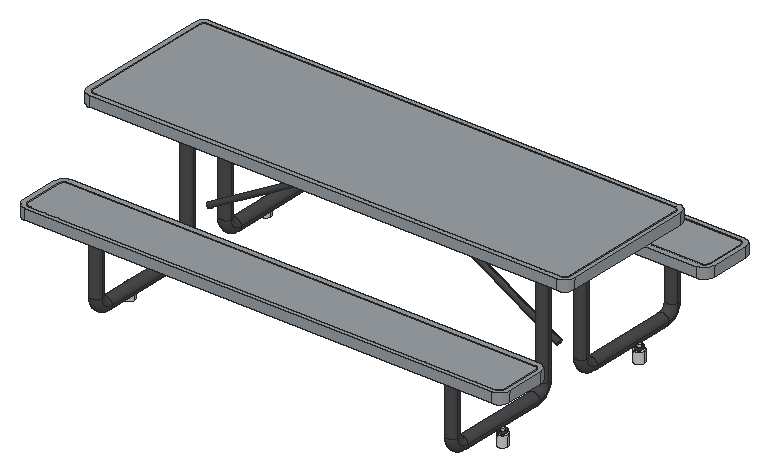
Revit family "OF-TxXPx-PERF", category Furniture, Revit 2020
Family settings
  Work Plane-Based = No
  Always vertical = Yes
  Cut with Voids When Loaded = No
  Shared = No
  Room Calculation Point = No
Parameters (values of type "OF-T8XPSM-PERF")
  Table Width = 8' - 0"
  Table Top [instance] = Getzen Gray Perforated
  Table Frame [instance] = Getzen Gray Solid
  Surface Mount = yes
  Seat Top [instance] = Getzen Gray Perforated
  Seat Frame [instance] = Getzen Gray Solid
  Mount = yes
  Model = "OF-T8XPSM-PERF"
  Leg Placement = 5' - 10 1/8"
  In Ground = no
  HS Seat Count = 8
  Frame [instance] = Getzen Black Solid
  ES Seat Count = 12
  Default Elevation = 0' - 0"
  Bench Width = 8' - 0"
Types (9): name | Table Width | Surface Mount | Mount | Model | Leg Placement | In Ground | HS Seat Count | ES Seat Count | Bench Width
  OF-T6XPP-PERF | 6' - 0" | no | no | "OF-T6XPP-PERF" | 3' - 10 1/8" | no | 6 | 8 | 6' - 0"
  OF-T8XPP-PERF | 8' - 0" | no | no | "OF-T8XPP-PERF" | 5' - 10 1/8" | no | 8 | 12 | 8' - 0"
  OF-T8XPP-ADA-PERF | 8' - 0" | no | no | "OF-T8XPP-ADA-PERF" | 3' - 10 1/8" | no | 6 | 8 | 6' - 0"
  OF-T6XPSM-PERF | 6' - 0" | yes | yes | "OF-T6XPSM-PERF" | 3' - 10 1/8" | no | 6 | 8 | 6' - 0"
  OF-T6XPIG-PERF | 6' - 0" | no | yes | "OF-T6XPIG-PERF" | 3' - 10 1/8" | yes | 6 | 8 | 6' - 0"
  OF-T8XPSM-PERF | 8' - 0" | yes | yes | "OF-T8XPSM-PERF" | 5' - 10 1/8" | no | 8 | 12 | 8' - 0"
  OF-T8XPIG-PERF | 8' - 0" | no | yes | "OF-T8XPIG-PERF" | 5' - 10 1/8" | yes | 8 | 12 | 8' - 0"
  OF-T8XPSM-ADA-PERF | 8' - 0" | yes | yes | "OF-T8XPSM-ADA-PERF" | 3' - 10 1/8" | no | 6 | 8 | 6' - 0"
  OF-T8XPIG-ADA-PERF | 8' - 0" | no | yes | "OF-T8XPIG-ADA-PERF" | 3' - 10 1/8" | yes | 6 | 8 | 6' - 0"
Reference planes (in)
  plane 1 "Center (Front/Back)": y = 0
  plane 2: z = 0
  plane 3 "Center (Left/Right)": x = 0
  plane 4 "Leg Left": x = -35.0625
  plane 5 "Leg Right": x = 35.0625
  plane 6 "Bench End Left": x = -48
  plane 7 "Bench End Right": x = 48
  plane 8 "Bench": z = 16.75
  plane 9 "Top": z = 29.675
Forms (in)
  Sweep 1, solid, material "Getzen Black Solid" <- "Frame"
    path origin (-35.0625, 0, 0) x (0, 1, 0) y (0, 0, 1)
      loop
        line (-4.6875, 27.425) -> (-4.6875, 3.5625)
        arc (-4.6875, 3.5625) -> (-5.38312, 1.88312) -> (-7.0625, 1.1875) r 2.375
        line (-7.0625, 1.1875) -> (-24.75, 1.1875)
        arc (-24.75, 1.1875) -> (-26.42938, 1.88312) -> (-27.125, 3.5625) r 2.375
        line (-27.125, 3.5625) -> (-27.125, 14.5)
    profile origin (-35.0625, -4.6875, 15.49375) x (1, 0, 0) y (0, 1, 0)
      loop
        circle (0, 0) r 1.1875
  Extrusion 2, solid, material "Getzen Black Solid" <- "Frame"
    sketch origin (0, 0, 0) x (1, 0, 0) y (0, 0, 1)
      loop
        line (-36.25, 14.5) -> (-33.875, 14.5) -> (-33.875, 16.5) -> (-34.125, 16.5) -> (-34.125, 14.75) -> (-36.25, 14.75) -> (-36.25, 14.5)
    from 20.5 to 30
  Extrusion 3, solid, material "Getzen Black Solid" <- "Frame"
    sketch origin (0, 0, 0) x (1, 0, 0) y (0, 0, 1)
      loop
        line (-36.25, 27.425) -> (-33.875, 27.425) -> (-33.875, 29.425) -> (-34.125, 29.425) -> (-34.125, 27.675) -> (-36.25, 27.675) -> (-36.25, 27.425)
    from -14 to 14
  Sweep 4, solid, material "Getzen Black Solid" <- "Frame"
    path origin (-35.0625, 0, 0) x (0, -1, 0) y (0, 0, 1)
      loop
        line (-4.6875, 27.425) -> (-4.6875, 3.5625)
        arc (-4.6875, 3.5625) -> (-5.38312, 1.88312) -> (-7.0625, 1.1875) r 2.375
        line (-7.0625, 1.1875) -> (-24.75, 1.1875)
        arc (-24.75, 1.1875) -> (-26.42938, 1.88312) -> (-27.125, 3.5625) r 2.375
        line (-27.125, 3.5625) -> (-27.125, 14.5)
    profile origin (-35.0625, 4.6875, 15.49375) x (1, 0, 0) y (0, 1, 0)
      loop
        circle (0, 0) r 1.1875
  Extrusion 5, solid, material "Getzen Black Solid" <- "Frame"
    sketch origin (0, 0, 0) x (1, 0, 0) y (0, 0, -1)
      loop
        line (-36.25, -14.5) -> (-36.25, -14.75) -> (-34.125, -14.75) -> (-34.125, -16.5) -> (-33.875, -16.5) -> (-33.875, -14.5) -> (-36.25, -14.5)
    from 20.5 to 30
  Extrusion 6, solid, material "Getzen Black Solid" <- "Frame"
    sketch origin (0, 0, 0) x (-1, 0, 0) y (0, 0, -1)
      loop
        line (-36.25, -14.5) -> (-36.25, -14.75) -> (-34.125, -14.75) -> (-34.125, -16.5) -> (-33.875, -16.5) -> (-33.875, -14.5) -> (-36.25, -14.5)
    from 20.5 to 30
  Extrusion 7, solid, material "Getzen Black Solid" <- "Frame"
    sketch origin (0, 0, 0) x (-1, 0, 0) y (0, 0, -1)
      loop
        line (-36.25, -27.425) -> (-36.25, -27.675) -> (-34.125, -27.675) -> (-34.125, -29.425) -> (-33.875, -29.425) -> (-33.875, -27.425) -> (-36.25, -27.425)
    from -14 to 14
  Extrusion 8, solid, material "Getzen Black Solid" <- "Frame"
    sketch origin (0, 0, 0) x (-1, 0, 0) y (0, 0, 1)
      loop
        line (-36.25, 14.5) -> (-33.875, 14.5) -> (-33.875, 16.5) -> (-34.125, 16.5) -> (-34.125, 14.75) -> (-36.25, 14.75) -> (-36.25, 14.5)
    from 20.5 to 30
  Sweep 9, solid, material "Getzen Black Solid" <- "Frame"
    path origin (35.0625, 0, 0) x (0, 1, 0) y (0, 0, 1)
      loop
        line (-4.6875, 27.425) -> (-4.6875, 3.5625)
        arc (-4.6875, 3.5625) -> (-5.38312, 1.88312) -> (-7.0625, 1.1875) r 2.375
        line (-7.0625, 1.1875) -> (-24.75, 1.1875)
        arc (-24.75, 1.1875) -> (-26.42938, 1.88312) -> (-27.125, 3.5625) r 2.375
        line (-27.125, 3.5625) -> (-27.125, 14.5)
    profile origin (35.0625, -4.6875, 15.49375) x (1, 0, 0) y (0, 1, 0)
      loop
        circle (0, 0) r 1.1875
  Sweep 10, solid, material "Getzen Black Solid" <- "Frame"
    path origin (35.0625, 0, 0) x (0, -1, 0) y (0, 0, 1)
      loop
        line (-4.6875, 27.425) -> (-4.6875, 3.5625)
        arc (-4.6875, 3.5625) -> (-5.38312, 1.88312) -> (-7.0625, 1.1875) r 2.375
        line (-7.0625, 1.1875) -> (-24.75, 1.1875)
        arc (-24.75, 1.1875) -> (-26.42938, 1.88312) -> (-27.125, 3.5625) r 2.375
        line (-27.125, 3.5625) -> (-27.125, 14.5)
    profile origin (35.0625, 4.6875, 15.49375) x (1, 0, 0) y (0, 1, 0)
      loop
        circle (0, 0) r 1.1875
  Extrusion 11, solid, material "Getzen Gray Solid" <- "Seat Frame"
    sketch origin (0, 0, 0) x (1, 0, 0) y (0, 1, 0)
      loop
        arc (-46, -19.5) -> (-47.41421, -20.08579) -> (-48, -21.5) r 2
        line (-48, -21.5) -> (-48, -29)
        arc (-48, -29) -> (-47.41421, -30.41421) -> (-46, -31) r 2
        line (-46, -31) -> (46, -31)
        arc (46, -31) -> (47.41421, -30.41421) -> (48, -29) r 2
        line (48, -29) -> (48, -21.5)
        arc (48, -21.5) -> (47.41421, -20.08579) -> (46, -19.5) r 2
        line (46, -19.5) -> (-46, -19.5)
      loop
        line (-47, -21.5) -> (-47, -29)
        arc (-47, -29) -> (-46.70711, -29.70711) -> (-46, -30) r 1
        line (-46, -30) -> (46, -30)
        arc (46, -30) -> (46.70711, -29.70711) -> (47, -29) r 1
        line (47, -29) -> (47, -21.5)
        arc (47, -21.5) -> (46.70711, -20.79289) -> (46, -20.5) r 1
        line (46, -20.5) -> (-46, -20.5)
        arc (-46, -20.5) -> (-46.70711, -20.79289) -> (-47, -21.5) r 1
    from 14.75 to 16.75
  Extrusion 12, solid, material "Getzen Gray Perforated" <- "Seat Top"
    sketch origin (0, 0, 0) x (1, 0, 0) y (0, 1, 0)
      loop
        arc (-46, -20.5) -> (-46.70711, -20.79289) -> (-47, -21.5) r 1
        line (-47, -21.5) -> (-47, -29)
        arc (-47, -29) -> (-46.70711, -29.70711) -> (-46, -30) r 1
        line (-46, -30) -> (46, -30)
        arc (46, -30) -> (46.70711, -29.70711) -> (47, -29) r 1
        line (47, -29) -> (47, -21.5)
        arc (47, -21.5) -> (46.70711, -20.79289) -> (46, -20.5) r 1
        line (46, -20.5) -> (-46, -20.5)
    from 16.625 to 16.75
  Extrusion 13, solid, material "Getzen Gray Solid" <- "Table Frame"
    sketch origin (0, 0, 0) x (1, 0, 0) y (0, 1, 0)
      loop
        line (46, 14) -> (-46, 14)
        arc (-46, 14) -> (-46.70711, 13.70711) -> (-47, 13) r 1
        line (-47, 13) -> (-47, -13)
        arc (-47, -13) -> (-46.70711, -13.70711) -> (-46, -14) r 1
        line (-46, -14) -> (46, -14)
        arc (46, -14) -> (46.70711, -13.70711) -> (47, -13) r 1
        line (47, -13) -> (47, 13)
        arc (47, 13) -> (46.70711, 13.70711) -> (46, 14) r 1
      loop
        line (46, 15) -> (-46, 15)
        arc (-46, 15) -> (-47.41421, 14.41421) -> (-48, 13) r 2
        line (-48, 13) -> (-48, -13)
        arc (-48, -13) -> (-47.41421, -14.41421) -> (-46, -15) r 2
        line (-46, -15) -> (46, -15)
        arc (46, -15) -> (47.41421, -14.41421) -> (48, -13) r 2
        line (48, -13) -> (48, 13)
        arc (48, 13) -> (47.41421, 14.41421) -> (46, 15) r 2
    from 27.67578 to 29.67578
  Extrusion 14, solid, material "Getzen Gray Solid" <- "Seat Frame"
    sketch origin (0, 0, 0) x (1, 0, 0) y (0, 1, 0)
      loop
        line (-46, 19.5) -> (46, 19.5)
        arc (46, 19.5) -> (47.41421, 20.08579) -> (48, 21.5) r 2
        line (48, 21.5) -> (48, 29)
        arc (48, 29) -> (47.41421, 30.41421) -> (46, 31) r 2
        line (46, 31) -> (-46, 31)
        arc (-46, 31) -> (-47.41421, 30.41421) -> (-48, 29) r 2
        line (-48, 29) -> (-48, 21.5)
        arc (-48, 21.5) -> (-47.41421, 20.08579) -> (-46, 19.5) r 2
      loop
        arc (-47, 21.5) -> (-46.70711, 20.79289) -> (-46, 20.5) r 1
        line (-46, 20.5) -> (46, 20.5)
        arc (46, 20.5) -> (46.70711, 20.79289) -> (47, 21.5) r 1
        line (47, 21.5) -> (47, 29)
        arc (47, 29) -> (46.70711, 29.70711) -> (46, 30) r 1
        line (46, 30) -> (-46, 30)
        arc (-46, 30) -> (-46.70711, 29.70711) -> (-47, 29) r 1
        line (-47, 29) -> (-47, 21.5)
    from 14.75 to 16.75
  Extrusion 15, solid, material "Getzen Gray Perforated" <- "Seat Top"
    sketch origin (0, 0, 0) x (1, 0, 0) y (0, 1, 0)
      loop
        arc (-46, 30) -> (-46.70711, 29.70711) -> (-47, 29) r 1
        line (-47, 29) -> (-47, 21.5)
        arc (-47, 21.5) -> (-46.70711, 20.79289) -> (-46, 20.5) r 1
        line (-46, 20.5) -> (46, 20.5)
        arc (46, 20.5) -> (46.70711, 20.79289) -> (47, 21.5) r 1
        line (47, 21.5) -> (47, 29)
        arc (47, 29) -> (46.70711, 29.70711) -> (46, 30) r 1
        line (46, 30) -> (-46, 30)
    from 16.625 to 16.75
  Extrusion 16, solid, material "Getzen Gray Perforated" <- "Table Top"
    sketch origin (0, 0, 0) x (1, 0, 0) y (0, 1, 0)
      loop
        arc (-46, 14) -> (-46.70711, 13.70711) -> (-47, 13) r 1
        line (-47, 13) -> (-47, -13)
        arc (-47, -13) -> (-46.70711, -13.70711) -> (-46, -14) r 1
        line (-46, -14) -> (46, -14)
        arc (46, -14) -> (46.70711, -13.70711) -> (47, -13) r 1
        line (47, -13) -> (47, 13)
        arc (47, 13) -> (46.70711, 13.70711) -> (46, 14) r 1
        line (46, 14) -> (-46, 14)
    from 29.55078 to 29.67578
  Extrusion 17, solid, material "Getzen Black Solid" <- "Frame", visible <- "Mount"
    sketch origin (0, 0, 0) x (1, 0, 0) y (0, 1, 0)
      loop
        circle (-36.8125, -16.81326) r 0.75
      loop
        circle (36.8125, -16.81326) r 0.75
      loop
        circle (-36.8125, 16.81326) r 0.75
      loop
        circle (36.8125, 16.81326) r 0.75
    from 0.375 to 0.625
  Extrusion 18, solid, material "Getzen Hardware", visible <- "Mount"
    sketch origin (0, 0, 0) x (1, 0, 0) y (0, 1, 0)
      loop
        circle (-36.8125, -16.81326) r 0.375
      loop
        circle (36.8125, -16.81326) r 0.375
      loop
        circle (-36.8125, 16.81326) r 0.375
      loop
        circle (36.8125, 16.81326) r 0.375
    from 0 to 1
  Extrusion 19, solid, material "Getzen Hardware", visible <- "Surface Mount"
    sketch origin (0, 0, 0) x (1, 0, 0) y (0, 1, 0)
      loop
        circle (-36.8125, -16.81326) r 1
      loop
        circle (36.8125, -16.81326) r 1
      loop
        circle (-36.8125, 16.81326) r 1
      loop
        circle (36.8125, 16.81326) r 1
    from -2 to 0
  Extrusion 20, solid, material "Getzen Hardware", visible <- "In Ground"
    sketch origin (0, 0, 0) x (1, 0, 0) y (0, 1, 0)
      loop
        circle (-36.8125, -16.81326) r 2
      loop
        circle (36.8125, -16.81326) r 2
      loop
        circle (-36.8125, 16.81326) r 2
      loop
        circle (36.8125, 16.81326) r 2
    from -8 to 0
  Extrusion 21, solid, material "Getzen Gray Solid" <- "Seat Frame", not visible
    sketch origin (0, 0, 0) x (1, 0, 0) y (0, 0, 1)
      loop
        line (-34.125, 29.425) -> (-34.375, 29.425) -> (-34.375, 27.67578) -> (-34.125, 27.67578) -> (-34.125, 29.425)
      loop
        line (34.125, 29.425) -> (34.125, 27.67578) -> (34.39059, 27.67578) -> (34.39059, 29.425) -> (34.125, 29.425)
      loop
        line (-0.125, 27.67578) -> (0.125, 27.67578) -> (0.125, 29.425) -> (-0.125, 29.425) -> (-0.125, 27.67578)
    from -14 to 14
  Extrusion 22, solid, material "Getzen Black Solid" <- "Frame", not visible
    sketch origin (0, 0, 0) x (1, 0, 0) y (0, 0, 1)
      loop
        line (-34.62056, 7.9619) -> (-35.68122, 6.90124) -> (-35.50444, 6.72446) -> (-34.44378, 7.78512) -> (-34.62056, 7.9619)
      loop
        line (34.62056, 7.9619) -> (34.44378, 7.78512) -> (35.50444, 6.72446) -> (35.68122, 6.90124) -> (34.62056, 7.9619)
    from -3.75 to 3.75
  Sweep 23, solid, material "Getzen Black Solid" <- "Frame"
    path origin (0, 0, 0) x (1, 0, 0) y (0, 0, 1)
      loop
        line (-34.53217, 7.87351) -> (-0.125, 27.67578)
    profile origin (-17.32858, 0, 17.77465) x (-0.498815, 0, 0.866709) y (0, -1, 0)
      loop
        circle (0, 0) r 0.5
  Sweep 24, solid, material "Getzen Black Solid" <- "Frame"
    path origin (0, 0, 0) x (-1, 0, 0) y (0, 0, 1)
      loop
        line (-34.53217, 7.87351) -> (-0.125, 27.67578)
    profile origin (17.32858, 0, 17.77465) x (-0.498815, 0, -0.866709) y (0, -1, 0)
      loop
        circle (0, 0) r 0.5
Dimensions and locks (in)
  equal spacing: plane 4 "Leg Left", plane 3 "Center (Left/Right)", plane 5 "Leg Right"
  "Leg Placement": plane 4 "Leg Left" to plane 5 "Leg Right"
  equal spacing: plane 6 "Bench End Left", plane 3 "Center (Left/Right)", plane 7 "Bench End Right"
  "Bench Width": plane 6 "Bench End Left" to plane 7 "Bench End Right"
  locked: plane 9 "Top" to Sweep 1 sketch curve at 2.25
  locked: plane 8 "Bench" to Sweep 1 sketch curve at 2.25
  locked: level to Sweep 1 sketch curve at 1.1875
  locked: plane 1 "Center (Front/Back)" to Sweep 1 sketch curve at 4.6875
  plane 1 "Center (Front/Back)" to Sweep 1 sketch curve = 2' - 3 1/8"
  locked: Extrusion 14 sketch curve to Extrusion 14 sketch curve at 1  (x2)
  equal spacing: Extrusion 13 sketch curve, plane 3 "Center (Left/Right)", Extrusion 13 sketch curve
  "Table Width": Extrusion 13 sketch curve to Extrusion 13 sketch curve
  locked: Extrusion 13 sketch curve to Extrusion 13 sketch curve at 1  (x4)
  equal spacing: Extrusion 13 sketch curve, plane 1 "Center (Front/Back)", Extrusion 13 sketch curve
  locked: Extrusion 13 sketch curve to Extrusion 13 sketch curve at 30
  locked: Extrusion 17 sketch curve to plane 4 "Leg Left" at 1.75  (x2)
  locked: plane 5 "Leg Right" to Extrusion 17 sketch curve at 1.75  (x2)
  locked: Extrusion 18 sketch curve to plane 4 "Leg Left" at 1.75  (x2)
  locked: plane 5 "Leg Right" to Extrusion 18 sketch curve at 1.75  (x2)
  locked: Extrusion 19 sketch curve to plane 4 "Leg Left" at 1.75  (x2)
  locked: plane 5 "Leg Right" to Extrusion 19 sketch curve at 1.75  (x2)
  locked: Extrusion 20 sketch curve to plane 4 "Leg Left" at 1.75  (x2)
  locked: plane 5 "Leg Right" to Extrusion 20 sketch curve at 1.75  (x2)
  locked: Extrusion 21 sketch curve to Extrusion 7 at 0.26559
  locked: Extrusion 21 sketch curve to Extrusion 3 at 0.25
  equal spacing: Extrusion 21 sketch curve, plane 3 "Center (Left/Right)", Extrusion 21 sketch curve
  locked: Extrusion 21 sketch curve to Extrusion 21 sketch curve at 0.25
  Extrusion 13 to Extrusion 16 = 7' - 11"
  Extrusion 14 to Extrusion 15 = 7' - 11"
  radius of Extrusion 13 sketch curve = 0' - 2"  (x4)
  aligned and locked: plane 2 to level
  aligned and locked: Extrusion 11 sketch curve to plane 6 "Bench End Left"
  aligned and locked: plane 7 "Bench End Right" to Extrusion 11 sketch curve
  aligned and locked: Extrusion 12 sketch curve to Extrusion 11  (x3)
  aligned and locked: Extrusion 14 sketch curve to plane 6 "Bench End Left"
  aligned and locked: plane 7 "Bench End Right" to Extrusion 14 sketch curve
  aligned and locked: Extrusion 15 sketch curve to Extrusion 14  (x4)
  aligned and locked: Extrusion 16 sketch curve to Extrusion 13  (x4)
  aligned and locked: Extrusion 7 to Extrusion 21 sketch curve
  aligned and locked: Extrusion 21 sketch curve to Extrusion 13
  aligned and locked: Extrusion 21 sketch curve to Extrusion 7
  aligned and locked: Extrusion 21 sketch curve to Extrusion 3
  aligned and locked: Extrusion 13 to Extrusion 21 sketch curve  (x2)
  aligned and locked: Extrusion 3 to Extrusion 21 sketch curve
  aligned and locked: Extrusion 21 sketch curve to Extrusion 21 sketch curve
  aligned and locked: Extrusion 21 to Sweep 23 sketch curve
  aligned and locked: Extrusion 13 to Sweep 23 sketch curve
  aligned and locked: Extrusion 22 to Sweep 23 sketch curve
  aligned and locked: Extrusion 13 to Sweep 24 sketch curve
  aligned and locked: Sweep 24 sketch curve to Extrusion 21
  aligned and locked: Extrusion 22 to Sweep 24 sketch curve
Automatic sketch dimensions
  Sweep 1 sketch curve to Sweep 1 sketch curve = 0' - 2 3/8"  (x2)
  Sweep 1 sketch curve to plane 4 "Leg Left" = 0' - 0"
  profile plane to Sweep 1 sketch curve = 0' - 0"
  Extrusion 2 sketch curve to plane 4 "Leg Left" = 0' - 1 3/16"
  Extrusion 2 sketch curve to plane 8 "Bench" = 0' - 0 1/4"
  plane 4 "Leg Left" to Extrusion 2 sketch curve = 0' - 0 15/16"
  Extrusion 2 sketch curve to Extrusion 2 sketch curve = 0' - 0 1/4"  (x2)
  Extrusion 2 sketch curve to plane 8 "Bench" = 0' - 2"
  Extrusion 3 sketch curve to plane 4 "Leg Left" = 0' - 1 3/16"
  Extrusion 3 sketch curve to plane 9 "Top" = 0' - 0 1/4"
  plane 4 "Leg Left" to Extrusion 3 sketch curve = 0' - 0 15/16"
  Extrusion 3 sketch curve to Extrusion 3 sketch curve = 0' - 0 1/4"  (x2)
  Extrusion 3 sketch curve to plane 9 "Top" = 0' - 2"
  Sweep 4 sketch curve to level = 0' - 3 9/16"
  plane 1 "Center (Front/Back)" to Sweep 4 sketch curve = 2' - 3 1/8"
  Sweep 4 sketch curve to Sweep 4 sketch curve = 0' - 2 3/8"  (x2)
  plane 1 "Center (Front/Back)" to Sweep 4 sketch curve = 0' - 7 1/16"
  plane 8 "Bench" to Sweep 4 sketch curve = 0' - 2 1/4"
  plane 9 "Top" to Sweep 4 sketch curve = 0' - 2 1/4"
  Sweep 4 sketch curve to plane 4 "Leg Left" = 0' - 0"
  profile plane to Sweep 4 sketch curve = 0' - 0"
  Extrusion 5 sketch curve to plane 4 "Leg Left" = 0' - 1 3/16"
  Extrusion 5 sketch curve to plane 8 "Bench" = 0' - 0 1/4"
  plane 4 "Leg Left" to Extrusion 5 sketch curve = 0' - 0 15/16"
  Extrusion 5 sketch curve to Extrusion 5 sketch curve = 0' - 0 1/4"  (x2)
  Extrusion 5 sketch curve to plane 8 "Bench" = 0' - 2"
  Extrusion 6 sketch curve to plane 5 "Leg Right" = 0' - 1 3/16"
  plane 8 "Bench" to Extrusion 6 sketch curve = 0' - 0 1/4"
  plane 5 "Leg Right" to Extrusion 6 sketch curve = 0' - 0 15/16"
  Extrusion 6 sketch curve to Extrusion 6 sketch curve = 0' - 0 1/4"  (x2)
  plane 8 "Bench" to Extrusion 6 sketch curve = 0' - 2"
  Extrusion 7 sketch curve to plane 5 "Leg Right" = 0' - 1 3/16"
  plane 9 "Top" to Extrusion 7 sketch curve = 0' - 0 1/4"
  plane 5 "Leg Right" to Extrusion 7 sketch curve = 0' - 0 15/16"
  Extrusion 7 sketch curve to Extrusion 7 sketch curve = 0' - 0 1/4"  (x2)
  plane 9 "Top" to Extrusion 7 sketch curve = 0' - 2"
  plane 5 "Leg Right" to Extrusion 8 sketch curve = 0' - 1 3/16"
  Extrusion 8 sketch curve to plane 8 "Bench" = 0' - 0 1/4"
  Extrusion 8 sketch curve to plane 5 "Leg Right" = 0' - 0 15/16"
  Extrusion 8 sketch curve to Extrusion 8 sketch curve = 0' - 0 1/4"  (x2)
  Extrusion 8 sketch curve to plane 8 "Bench" = 0' - 2"
  level to Sweep 9 sketch curve = 0' - 3 9/16"
  plane 1 "Center (Front/Back)" to Sweep 9 sketch curve = 2' - 3 1/8"
  level to Sweep 9 sketch curve = 0' - 1 3/16"
  plane 1 "Center (Front/Back)" to Sweep 9 sketch curve = 0' - 7 1/16"
  Sweep 9 sketch curve to Sweep 9 sketch curve = 0' - 2 3/8"
  Sweep 9 sketch curve to plane 8 "Bench" = 0' - 2 1/4"
  Sweep 9 sketch curve to plane 9 "Top" = 0' - 2 1/4"
  Sweep 9 sketch curve to plane 5 "Leg Right" = 0' - 0"
  profile plane to Sweep 9 sketch curve = 0' - 0"
  Sweep 10 sketch curve to level = 0' - 3 9/16"
  plane 1 "Center (Front/Back)" to Sweep 10 sketch curve = 2' - 3 1/8"
  Sweep 10 sketch curve to level = 0' - 1 3/16"
  plane 1 "Center (Front/Back)" to Sweep 10 sketch curve = 0' - 7 1/16"
  Sweep 10 sketch curve to Sweep 10 sketch curve = 0' - 2 3/8"
  plane 8 "Bench" to Sweep 10 sketch curve = 0' - 2 1/4"
  plane 9 "Top" to Sweep 10 sketch curve = 0' - 2 1/4"
  Sweep 10 sketch curve to plane 5 "Leg Right" = 0' - 0"
  profile plane to Sweep 10 sketch curve = 0' - 0"
  Extrusion 11 sketch curve to Extrusion 11 sketch curve = 0' - 0"  (x8)
  Extrusion 11 sketch curve to Extrusion 11 sketch curve = 0' - 1"  (x5)
  plane 1 "Center (Front/Back)" to Extrusion 11 sketch curve = 2' - 7"
  Extrusion 11 sketch curve to Extrusion 11 sketch curve = 0' - 7 1/2"
  Extrusion 12 sketch curve to Extrusion 12 sketch curve = 0' - 1"  (x3)
  Extrusion 12 sketch curve to Extrusion 12 sketch curve = 0' - 7 1/2"
  Extrusion 14 sketch curve to Extrusion 14 sketch curve = 0' - 0"  (x8)
  Extrusion 14 sketch curve to Extrusion 14 sketch curve = 0' - 1"  (x4)
  plane 1 "Center (Front/Back)" to Extrusion 14 sketch curve = 2' - 7"
  Extrusion 14 sketch curve to Extrusion 14 sketch curve = 0' - 7 1/2"
  Extrusion 15 sketch curve to Extrusion 15 sketch curve = 0' - 1"  (x4)
  Extrusion 16 sketch curve to Extrusion 16 sketch curve = 0' - 1"  (x4)
  plane 1 "Center (Front/Back)" to Extrusion 17 sketch curve = 1' - 4.81326"  (x2)
  Extrusion 17 sketch curve to plane 1 "Center (Front/Back)" = 1' - 4.81326"  (x2)
  plane 1 "Center (Front/Back)" to Extrusion 18 sketch curve = 1' - 4.81326"  (x2)
  Extrusion 18 sketch curve to plane 1 "Center (Front/Back)" = 1' - 4.81326"  (x2)
  plane 1 "Center (Front/Back)" to Extrusion 19 sketch curve = 1' - 4.81326"  (x2)
  Extrusion 19 sketch curve to plane 1 "Center (Front/Back)" = 1' - 4.81326"  (x2)
  plane 1 "Center (Front/Back)" to Extrusion 20 sketch curve = 1' - 4.81326"  (x2)
  Extrusion 20 sketch curve to plane 1 "Center (Front/Back)" = 1' - 4.81326"  (x2)
  Extrusion 22 sketch curve to plane 4 "Leg Left" = 0' - 0.61872"
  Extrusion 22 sketch curve to Extrusion 22 sketch curve = 0' - 0.17678"  (x4)
  plane 4 "Leg Left" to Extrusion 22 sketch curve = 0' - 0.44194"
  Extrusion 22 sketch curve to plane 5 "Leg Right" = 0' - 0.61872"
  plane 5 "Leg Right" to Extrusion 22 sketch curve = 0' - 0.44194"
  level to Extrusion 22 sketch curve = 0' - 6.72446"  (x2)
  plane 4 "Leg Left" to Sweep 23 sketch curve = 0' - 0.53033"
  plane 1 "Center (Front/Back)" to Sweep 23 sketch curve = 0' - 0"
  Sweep 23 sketch curve to profile plane = 0' - 0"
  plane 5 "Leg Right" to Sweep 24 sketch curve = 0' - 0.53033"
  plane 1 "Center (Front/Back)" to Sweep 24 sketch curve = 0' - 0"
  Sweep 24 sketch curve to profile plane = 0' - 0"
  Extrusion 13 sketch curve to Extrusion 13 sketch curve = 0' - 0"  (x4)
  radius of Sweep 1 sketch curve = 0' - 1 3/16"
  radius of Sweep 4 sketch curve = 0' - 1 3/16"
  radius of Sweep 9 sketch curve = 0' - 1 3/16"
  radius of Sweep 10 sketch curve = 0' - 1 3/16"
  radius of Extrusion 17 sketch curve = 0' - 0 3/4"  (x4)
  radius of Extrusion 18 sketch curve = 0' - 0 3/8"  (x4)
  radius of Extrusion 19 sketch curve = 0' - 1"  (x4)
  radius of Extrusion 20 sketch curve = 0' - 2"  (x4)
  radius of Sweep 23 sketch curve = 0' - 0 1/2"
  radius of Sweep 24 sketch curve = 0' - 0 1/2"
